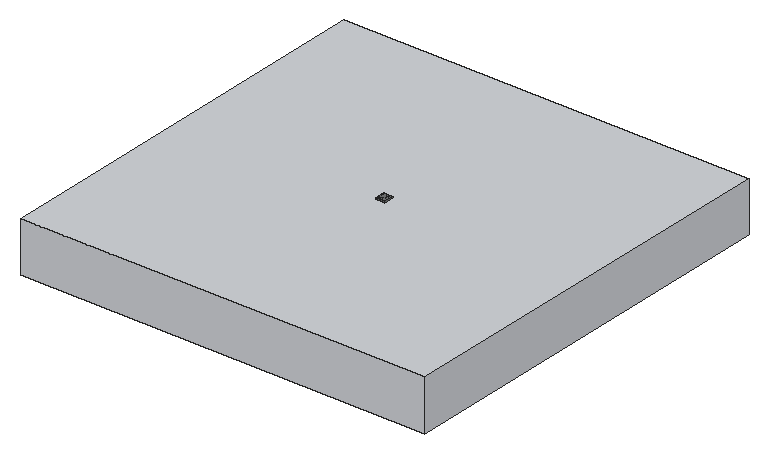
Revit family "Gira_029003", category Elektroinstallationen, Revit 2017
Family settings
  Basisbauteil = Fläche
  Beschriftungsausrichtung beibehalten = Nein
  Bemaßung runder Anschluss = Durchmesser verwenden
  Teiletyp = Normal
  Beim Laden mit Abzugskörper schneiden = Nein
  Gemeinsam genutzt = Nein
  Raumberechnungspunkt = Nein
Parameters
  With label area = no
  With heating = no
  With exchangeable lens/symbol = no
  With DCF77 = no
  Weather station = no
  Utilization = "Switch/push button"
  URL = "https://www.gira.de/"
  Typname = "Rocker ctrl.win. System 55 p.white"
  Type of fastening = "Clamp mounting"
  Transparent = no
  Surface protection = "Other"
  Surface finishing = "Glossy"
  Suitable for touch sensor connector for bus system = no
  Suitable for degree of protection (IP) = "IP20"
  Scannable symbol / barrier free = no
  RAL-number (akin) = 9010
  Productwebsite = "http://katalog.gira.de/en/datenblatt.html?artikelnr=029003"
  Other bus systems = "None"
  Number of channels = 3
  Mounting method = "Flush mounted (plaster)"
  Monitoring window/light outlet = yes
  Model = "Single rocker"
  Material quality = "Thermoplastic"
  Material = "Plastic"
  Imprint/indication = "Without imprint"
  Hersteller = "Gira"
  Halogen free = yes
  HAN = "029003"
  GTIN = "4010337290032"
  Degree of protection (IP) = "IP20"
  Data sheet = "https://katalog.gira.de/en/download.html?artikelnr=029003"
  Colour = "White"
  Bus system radio frequent = no
  Bus system Powernet = no
  Bus system LON = no
  Bus system KNX radio = no
  Bus system KNX = yes
  Bus connection included = no
  Beschreibung = "Rock.ctrl.w. Sys55 PW,Rocker with control window,,pure white glossy,"
  Keynote = ""
  Default Elevation = 1219.2 mm
  BIM = "https://media.stage.bim.site/public/gira/ad86d9f/Sys55_Abdeckung_Schalten%20und%20Tasten.rfa?public/gira/ad86d9f/Sys55_Abdeckung_Schalten und Tasten.rfa"
  Anthrazit [instance] = Anthrazit
  Analogue input = no
  Acoustic signal = yes
Reference planes
  plane 1 "Center (Front/Back)": y = 0
  plane 2: z = 0
  plane 3 "Center (Left/Right)": x = 0
Forms (mm)
  Extrusion 1, solid
    sketch origin (0, 0, 0) x (1, 0, 0) y (0, 1, 0)
      loop
        line (-1219.2, 1219.2) -> (-1219.2, -1219.2) -> (1219.2, -1219.2) -> (1219.2, 1219.2) -> (-1219.2, 1219.2)
    from 0 to -304.8
  Extrusion 2, solid, material "Anthrazit" <- "Anthrazit", detail levels fine
    sketch origin (0, 0, 0) x (1, 0, 0) y (0, 1, 0)
      loop
        line (-27.5, 27.5) -> (-27.5, -27.5) -> (27.5, -27.5) -> (27.5, 27.5) -> (-27.5, 27.5)
    from 0 to 8
  Extrusion 3, void
    sketch origin (0, 0, 0) x (1, 0, 0) y (0, 1, 0)
      loop
        line (26, 26) -> (-26, 26) -> (-26, -26) -> (26, -26) -> (26, 26)
    from 0 to 6
  Extrusion 4, solid, material "Anthrazit" <- "Anthrazit", detail levels medium
    sketch origin (0, 0, 0) x (1, 0, 0) y (0, 1, 0)
      loop
        line (-27.5, 27.5) -> (-27.5, -27.5) -> (27.5, -27.5) -> (27.5, 27.5) -> (-27.5, 27.5)
    from 0 to 8
  Extrusion 5, solid, material "Anthrazit" <- "Anthrazit", detail levels medium
    sketch origin (0, 0, 0) x (1, 0, 0) y (0, 1, 0)
      loop
        line (11, -17.5) -> (11, 17.5) -> (-11, 17.5) -> (-11, -17.5) -> (11, -17.5)
    from -6 to 6
  Extrusion 6, solid, material "Anthrazit" <- "Anthrazit", detail levels fine
    sketch origin (0, 0, 0) x (1, 0, 0) y (0, 1, 0)
      loop
        line (11, 17.5) -> (-11, 17.5) -> (-11, 16.5) -> (11, 16.5) -> (11, 17.5)
      loop
        line (-11, -16.5) -> (-11, -17.5) -> (11, -17.5) -> (11, -16.5) -> (-11, -16.5)
    from -4 to 6
  Extrusion 7, solid, material "Anthrazit" <- "Anthrazit", detail levels fine
    sketch origin (0, 0, 0) x (1, 0, 0) y (0, 1, 0)
      loop
        arc (5, 9.347) -> (0, 10.6) -> (-5, 9.347) r 10.6
        line (-5, 9.347) -> (-5, -9.347)
        arc (-5, -9.347) -> (0, -10.6) -> (5, -9.347) r 10.6
        line (5, -9.347) -> (5, 9.347)
    from -6 to 6
  Extrusion 8, solid, material "Anthrazit" <- "Anthrazit", detail levels coarse
    sketch origin (0, 0, 0) x (1, 0, 0) y (0, 1, 0)
      loop
        line (-27.5, 27.5) -> (-27.5, -27.5) -> (27.5, -27.5) -> (27.5, 27.5) -> (-27.5, 27.5)
    from -6 to 8
Cuts and joins
  Extrusion 3 cuts Extrusion 2
Dimensions and locks
  aligned and locked: plane 2 to Extrusion 1
  aligned and locked: level to Extrusion 1
